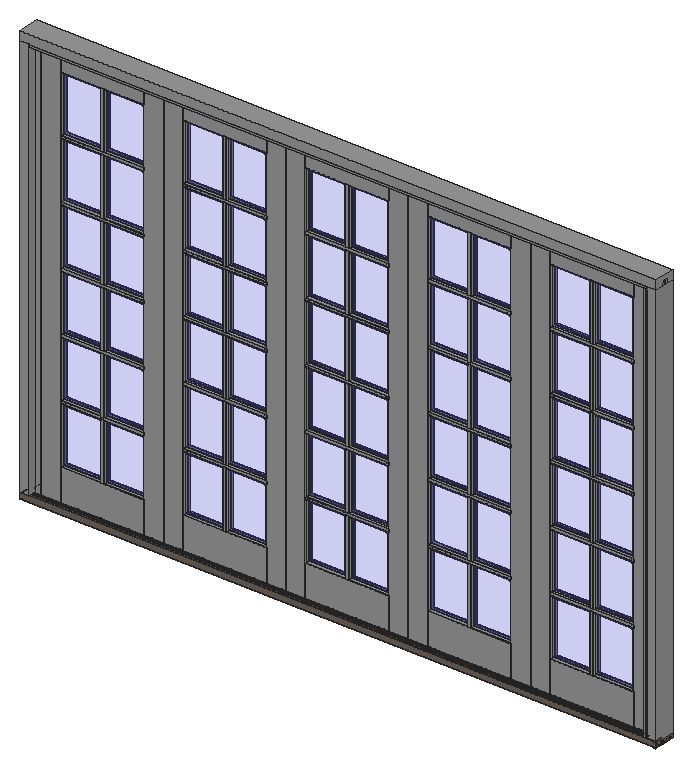
Revit family "VSFA 3180 SP LH", category Doors, host Wall, Revit 2015
Parameters (values of type "VSFA 3180 SP LH")
  Function = Interior
  Frame Projection Ext. = 25 mm
  Frame Projection Int. = 25 mm
  Frame Width = 75 mm
  Height = 2100 mm
  Wall Closure = By host
  Width = 3180 mm
Reference planes
  plane 1: y = 0
  plane 2 "Center (Left/Right)": x = 0
  plane 3 "Left": x = -1590
  plane 4 "Right": x = 1590
  plane 5: z = 2100
  plane 6 "Exterior": y = 75
  plane 7 "Interior": y = -75
  plane 8: x = -1545
  plane 9: x = 1515
  plane 10: x = 1513
  plane 11: x = 903
  plane 12: x = 901
  plane 13: x = 291
  plane 14: x = 289
  plane 15: x = -321
  plane 16: x = -323
  plane 17: x = -933
  plane 18: x = -935
Forms (mm)
  Extrusion 1, solid, material "Aluminium Cill (Bronze)"
    sketch origin (0, 79.18, -119.746) x (0, 1, 0) y (0, 0, 1)
      loop
        line (-26.68, 120.746) -> (-26.68, 135.746)
        arc (-26.68, 135.746) -> (-27.558, 137.867) -> (-29.68, 138.746) r 3
        line (-29.68, 138.746) -> (-40.947, 138.746)
        arc (-40.947, 138.746) -> (-42.68, 137.746) -> (-44.412, 138.746) r 2
        line (-44.412, 138.746) -> (-48.947, 138.746)
        arc (-48.947, 138.746) -> (-50.68, 137.746) -> (-52.412, 138.746) r 2
        line (-52.412, 138.746) -> (-56.947, 138.746)
        arc (-56.947, 138.746) -> (-58.68, 137.746) -> (-60.412, 138.746) r 2
        line (-60.412, 138.746) -> (-67.18, 138.746) -> (-67.18, 135.246)
        arc (-67.18, 135.246) -> (-67.619, 134.185) -> (-68.68, 133.746) r 1.5
        line (-68.68, 133.746) -> (-73.43, 133.746) -> (-73.43, 135.746) -> (-71.996, 135.746)
        arc (-71.996, 135.746) -> (-74.68, 138.746) -> (-77.363, 135.746) r 2.7
        line (-77.363, 135.746) -> (-75.93, 135.746) -> (-75.93, 133.746) -> (-80.68, 133.746)
        arc (-80.68, 133.746) -> (-81.74, 134.185) -> (-82.18, 135.246) r 1.5
        line (-82.18, 135.246) -> (-82.18, 138.746) -> (-90.432, 138.746) -> (-98.68, 138.746) -> (-98.68, 143.746)
        arc (-98.68, 143.746) -> (-99.18, 144.246) -> (-99.68, 143.746) r 0.5
        line (-99.68, 143.746) -> (-99.68, 142.734) -> (-100.88, 142.734) -> (-100.88, 150.246) -> (-99.68, 150.246) -> (-99.68, 149.246)
        arc (-99.68, 149.246) -> (-99.18, 148.746) -> (-98.68, 149.246) r 0.5
        line (-98.68, 149.246) -> (-98.68, 150.746)
        arc (-98.68, 150.746) -> (-98.972, 151.453) -> (-99.68, 151.746) r 1
        line (-99.68, 151.746) -> (-109.447, 151.746)
        arc (-109.447, 151.746) -> (-111.18, 150.746) -> (-112.912, 151.746) r 2
        line (-112.912, 151.746) -> (-117.447, 151.746)
        arc (-117.447, 151.746) -> (-119.18, 150.746) -> (-120.912, 151.746) r 2
        line (-120.912, 151.746) -> (-130.68, 151.746)
        arc (-130.68, 151.746) -> (-131.387, 151.453) -> (-131.68, 150.746) r 1
        line (-131.68, 150.746) -> (-131.68, 120.746)
        arc (-131.68, 120.746) -> (-131.387, 120.039) -> (-130.68, 119.746) r 1
        line (-130.68, 119.746) -> (-27.68, 119.746)
        arc (-27.68, 119.746) -> (-26.972, 120.039) -> (-26.68, 120.746) r 1
      loop
        line (-29.68, 137.246) -> (-40.23, 137.246)
        arc (-40.23, 137.246) -> (-42.68, 136.246) -> (-45.129, 137.246) r 3.5
        line (-45.129, 137.246) -> (-48.23, 137.246)
        arc (-48.23, 137.246) -> (-50.68, 136.246) -> (-53.129, 137.246) r 3.5
        line (-53.129, 137.246) -> (-56.23, 137.246)
        arc (-56.23, 137.246) -> (-58.68, 136.246) -> (-61.129, 137.246) r 3.5
        line (-61.129, 137.246) -> (-65.68, 137.246) -> (-65.68, 135.246)
        arc (-65.68, 135.246) -> (-66.558, 133.125) -> (-68.68, 132.246) r 3
        line (-68.68, 132.246) -> (-73.93, 132.246) -> (-73.93, 121.246) -> (-28.18, 121.246) -> (-28.18, 135.746)
        arc (-28.18, 135.746) -> (-28.619, 136.807) -> (-29.68, 137.246) r 1.5
      loop
        line (-75.43, 132.246) -> (-80.68, 132.246)
        arc (-80.68, 132.246) -> (-82.801, 133.125) -> (-83.68, 135.246) r 3
        line (-83.68, 135.246) -> (-83.68, 137.246) -> (-98.68, 137.246) -> (-98.68, 121.246) -> (-75.43, 121.246) -> (-75.43, 132.246)
      loop
        line (-100.18, 121.246) -> (-100.18, 141.246) -> (-102.38, 141.246) -> (-102.38, 150.246) -> (-108.73, 150.246)
        arc (-108.73, 150.246) -> (-111.18, 149.246) -> (-113.629, 150.246) r 3.5
        line (-113.629, 150.246) -> (-116.73, 150.246)
        arc (-116.73, 150.246) -> (-119.18, 149.246) -> (-121.629, 150.246) r 3.5
        line (-121.629, 150.246) -> (-130.18, 150.246) -> (-130.18, 121.246) -> (-100.18, 121.246)
    from -1590 to 1590
  Extrusion 2, solid, material "Lauan, Meranti"
    sketch origin (122.148, 0, 0) x (0, 1, 0) y (0, 0, -1)
      loop
        line (52.5, -2100) -> (52.5, -2055) -> (15.5, -2055) -> (15.5, -2075) -> (-6.5, -2075) -> (-6.5, -2055) -> (-52.5, -2055) -> (-52.5, -2100) -> (52.5, -2100)
    from -1467.852 to 1712.148
  Extrusion 3, solid, material "Lauan, Meranti"
    sketch origin (-2.986, 0, 0) x (0, 1, 0) y (0, 0, -1)
      loop
        line (-52.5, -2052) -> (-49.5, -2052) -> (-49.5, -2055) -> (-20.5, -2055) -> (-20.5, -2048.5) -> (-27.5, -2048.5) -> (-27.5, -2045.5) -> (-20.5, -2045.5) -> (-20.5, -2042) -> (-52.5, -2042) -> (-52.5, -2052)
    from -1547.986 to 1542.014
  Extrusion 4, solid, material "Lauan, Meranti"
    sketch origin (-615, 0, 0) x (-1, 0, 0) y (0, -1, 0)
      loop
        line (975, 52.5) -> (930, 52.5) -> (930, 16.5) -> (975, 16.5) -> (975, 52.5)
      loop
        line (975, -52.5) -> (975, -25.5) -> (930, -25.5) -> (930, -52.5) -> (975, -52.5)
      loop
        line (900, -24.5) -> (945, -24.5) -> (945, -14.5) -> (920, -14.5) -> (920, 5.5) -> (945, 5.5) -> (945, 15.5) -> (900, 15.5) -> (900, -24.5)
    from 32 to 2055
  Extrusion 5, solid, material "Lauan, Meranti"
    sketch origin (615, 0, 0) x (-1, 0, 0) y (0, -1, 0)
      loop
        line (-975, -52.5) -> (-942, -52.5) -> (-942, -24.5) -> (-930, -24.5) -> (-930, 52.5) -> (-975, 52.5) -> (-975, -52.5)
    from 32 to 2055
  Extrusion 6, solid, material "Lauan, Meranti"
    sketch origin (615, 0, 0) x (-1, 0, 0) y (0, -1, 0)
      loop
        line (-927, 52.5) -> (-927, 49.5) -> (-930, 49.5) -> (-930, 20.5) -> (-923.5, 20.5) -> (-923.5, 27.5) -> (-920.5, 27.5) -> (-920.5, 20.5) -> (-917, 20.5) -> (-917, 52.5) -> (-927, 52.5)
    from 32 to 2042
  Extrusion 7, solid, material "Steel, Chrome Plated"
    sketch origin (-129.456, -1.5, 0) x (0, 1, 0) y (0, 0, 1)
      loop
        line (16.5, 2075) -> (-4.5, 2075) -> (-4.5, 2055) -> (-2.3, 2055) -> (-2.3, 2072.8) -> (14.3, 2072.8) -> (14.3, 2055) -> (16.5, 2055) -> (16.5, 2075)
    from -1460.544 to 1719.456
  Extrusion 8, solid, material "Lauan, Meranti"
    sketch origin (615, 0, 0) x (-1, 0, 0) y (0, -1, 0)
      loop
        line (-975, -52.5) -> (-942, -52.5) -> (-942, -24.5) -> (-930, -24.5) -> (-930, 19.5) -> (-975, 19.5) -> (-975, -52.5)
    from 19 to 32
  Extrusion 9, solid, material "Lauan, Meranti"
    sketch origin (-615, 0, 0) x (-1, 0, 0) y (0, -1, 0)
      loop
        line (930, -52.5) -> (975, -52.5) -> (975, -25.5) -> (930, -25.5) -> (930, -52.5)
      loop
        line (945, -24.5) -> (945, -14.5) -> (920, -14.5) -> (920, 5.5) -> (945, 5.5) -> (945, 15.5) -> (900, 15.5) -> (900, -24.5) -> (945, -24.5)
    from 19 to 32
  Extrusion 10, solid, material "Lauan, Meranti"
    sketch origin (-1833, 0, 0) x (-1, 0, 0) y (0, -1, 0)
      loop
        line (-930, 15.5) -> (-930, -24.5) -> (-834, -24.5) -> (-834, 5.5) -> (-825, 5.5) -> (-825, 7.5) -> (-827, 7.5)
        arc (-827, 7.5) -> (-829.265, 11.94) -> (-834, 13.5) r 6.549
        line (-834, 13.5) -> (-834, 15.5) -> (-930, 15.5)
      loop
        line (-320, 15.5) -> (-416, 15.5) -> (-416, 13.5)
        arc (-416, 13.5) -> (-420.735, 11.94) -> (-423, 7.5) r 6.549
        line (-423, 7.5) -> (-425, 7.5) -> (-425, 5.5) -> (-416, 5.5) -> (-416, -24.5) -> (-320, -24.5) -> (-320, 15.5)
    from 19 to 2055
  Extrusion 11, solid, material "Lauan, Meranti"
    sketch origin (-1221, 0, 0) x (-1, 0, 0) y (0, -1, 0)
      loop
        line (-930, 15.5) -> (-930, -24.5) -> (-834, -24.5) -> (-834, 5.5) -> (-825, 5.5) -> (-825, 7.5) -> (-827, 7.5)
        arc (-827, 7.5) -> (-829.265, 11.94) -> (-834, 13.5) r 6.549
        line (-834, 13.5) -> (-834, 15.5) -> (-930, 15.5)
      loop
        line (-320, 15.5) -> (-416, 15.5) -> (-416, 13.5)
        arc (-416, 13.5) -> (-420.735, 11.94) -> (-423, 7.5) r 6.549
        line (-423, 7.5) -> (-425, 7.5) -> (-425, 5.5) -> (-416, 5.5) -> (-416, -24.5) -> (-320, -24.5) -> (-320, 15.5)
    from 19 to 2055
  Extrusion 12, solid, material "Lauan, Meranti"
    sketch origin (-609, 0, 0) x (-1, 0, 0) y (0, -1, 0)
      loop
        line (-930, 15.5) -> (-930, -24.5) -> (-834, -24.5) -> (-834, 5.5) -> (-825, 5.5) -> (-825, 7.5) -> (-827, 7.5)
        arc (-827, 7.5) -> (-829.265, 11.94) -> (-834, 13.5) r 6.549
        line (-834, 13.5) -> (-834, 15.5) -> (-930, 15.5)
      loop
        line (-320, 15.5) -> (-416, 15.5) -> (-416, 13.5)
        arc (-416, 13.5) -> (-420.735, 11.94) -> (-423, 7.5) r 6.549
        line (-423, 7.5) -> (-425, 7.5) -> (-425, 5.5) -> (-416, 5.5) -> (-416, -24.5) -> (-320, -24.5) -> (-320, 15.5)
    from 19 to 2055
  Extrusion 13, solid, material "Lauan, Meranti"
    sketch origin (3, 0, 0) x (-1, 0, 0) y (0, -1, 0)
      loop
        line (-930, 15.5) -> (-930, -24.5) -> (-834, -24.5) -> (-834, 5.5) -> (-825, 5.5) -> (-825, 7.5) -> (-827, 7.5)
        arc (-827, 7.5) -> (-829.265, 11.94) -> (-834, 13.5) r 6.549
        line (-834, 13.5) -> (-834, 15.5) -> (-930, 15.5)
      loop
        line (-320, 15.5) -> (-416, 15.5) -> (-416, 13.5)
        arc (-416, 13.5) -> (-420.735, 11.94) -> (-423, 7.5) r 6.549
        line (-423, 7.5) -> (-425, 7.5) -> (-425, 5.5) -> (-416, 5.5) -> (-416, -24.5) -> (-320, -24.5) -> (-320, 15.5)
    from 19 to 2055
  Extrusion 14, solid, material "Lauan, Meranti"
    sketch origin (615, 0, 0) x (-1, 0, 0) y (0, -1, 0)
      loop
        line (-930, 15.5) -> (-930, -24.5) -> (-834, -24.5) -> (-834, 5.5) -> (-825, 5.5) -> (-825, 7.5) -> (-827, 7.5)
        arc (-827, 7.5) -> (-829.265, 11.94) -> (-834, 13.5) r 6.549
        line (-834, 13.5) -> (-834, 15.5) -> (-930, 15.5)
      loop
        line (-320, 15.5) -> (-416, 15.5) -> (-416, 13.5)
        arc (-416, 13.5) -> (-420.735, 11.94) -> (-423, 7.5) r 6.549
        line (-423, 7.5) -> (-425, 7.5) -> (-425, 5.5) -> (-416, 5.5) -> (-416, -24.5) -> (-320, -24.5) -> (-320, 15.5)
    from 19 to 2055
  Extrusion 15, solid, material "Lauan, Meranti"
    sketch origin (1279.765, 0, 0) x (0, 1, 0) y (0, 0, -1)
      loop
        line (-15.5, -190) -> (-13.5, -190)
        arc (-13.5, -190) -> (-11.866, -194.67) -> (-7.5, -197) r 6.807
        line (-7.5, -197) -> (-7.5, -199) -> (-5.5, -199) -> (-5.5, -190) -> (24.5, -190) -> (24.5, -19) -> (-15.5, -19) -> (-15.5, -190)
      loop
        arc (-7.5, -1952) -> (-11.866, -1954.33) -> (-13.5, -1959) r 6.807
        line (-13.5, -1959) -> (-15.5, -1959) -> (-15.5, -2055) -> (24.5, -2055) -> (24.5, -1959) -> (-5.5, -1959) -> (-5.5, -1950) -> (-7.5, -1950) -> (-7.5, -1952)
      loop
        line (-15.5, -1675) -> (-13.5, -1675)
        arc (-13.5, -1675) -> (-11.866, -1679.67) -> (-7.5, -1682) r 6.807
        line (-7.5, -1682) -> (-7.5, -1684) -> (-5.5, -1684) -> (-5.5, -1675) -> (24.5, -1675) -> (24.5, -1662) -> (-5.5, -1662) -> (-5.5, -1653) -> (-7.5, -1653) -> (-7.5, -1655)
        arc (-7.5, -1655) -> (-11.866, -1657.33) -> (-13.5, -1662) r 6.807
        line (-13.5, -1662) -> (-15.5, -1662) -> (-15.5, -1675)
      loop
        line (-15.5, -1378) -> (-13.5, -1378)
        arc (-13.5, -1378) -> (-11.866, -1382.67) -> (-7.5, -1385) r 6.807
        line (-7.5, -1385) -> (-7.5, -1387) -> (-5.5, -1387) -> (-5.5, -1378) -> (24.5, -1378) -> (24.5, -1365) -> (-5.5, -1365) -> (-5.5, -1356) -> (-7.5, -1356) -> (-7.5, -1358)
        arc (-7.5, -1358) -> (-11.866, -1360.33) -> (-13.5, -1365) r 6.807
        line (-13.5, -1365) -> (-15.5, -1365) -> (-15.5, -1378)
      loop
        line (-15.5, -1081) -> (-13.5, -1081)
        arc (-13.5, -1081) -> (-11.866, -1085.67) -> (-7.5, -1088) r 6.807
        line (-7.5, -1088) -> (-7.5, -1090) -> (-5.5, -1090) -> (-5.5, -1081) -> (24.5, -1081) -> (24.5, -1068) -> (-5.5, -1068) -> (-5.5, -1059) -> (-7.5, -1059) -> (-7.5, -1061)
        arc (-7.5, -1061) -> (-11.866, -1063.33) -> (-13.5, -1068) r 6.807
        line (-13.5, -1068) -> (-15.5, -1068) -> (-15.5, -1081)
      loop
        line (-15.5, -784) -> (-13.5, -784)
        arc (-13.5, -784) -> (-11.866, -788.67) -> (-7.5, -791) r 6.807
        line (-7.5, -791) -> (-7.5, -793) -> (-5.5, -793) -> (-5.5, -784) -> (24.5, -784) -> (24.5, -771) -> (-5.5, -771) -> (-5.5, -762) -> (-7.5, -762) -> (-7.5, -764)
        arc (-7.5, -764) -> (-11.866, -766.33) -> (-13.5, -771) r 6.807
        line (-13.5, -771) -> (-15.5, -771) -> (-15.5, -784)
      loop
        line (-15.5, -487) -> (-13.5, -487)
        arc (-13.5, -487) -> (-11.866, -491.67) -> (-7.5, -494) r 6.807
        line (-7.5, -494) -> (-7.5, -496) -> (-5.5, -496) -> (-5.5, -487) -> (24.5, -487) -> (24.5, -474) -> (-5.5, -474) -> (-5.5, -465) -> (-7.5, -465) -> (-7.5, -467)
        arc (-7.5, -467) -> (-11.866, -469.33) -> (-13.5, -474) r 6.807
        line (-13.5, -474) -> (-15.5, -474) -> (-15.5, -487)
    from -169.235 to 248.765
  Sweep 16, solid, material "Lauan, Meranti"
    path origin (1572.124, -75, -1252.272) x (-1, 0, 0) y (0, 0, -1)
      loop
        line (338.624, -1726.272) -> (541.124, -1726.272) -> (541.124, -1442.272) -> (338.624, -1442.272) -> (338.624, -1726.272)
    profile origin (1132.25, -75, 474) x (0, 0, -1) y (0, -1, 0)
      loop
        line (9, -78) -> (0, -78) -> (0, -86)
        arc (0, -86) -> (4.67, -84.366) -> (7, -80) r 6.807
        line (7, -80) -> (9, -80) -> (9, -78)
  Extrusion 17, solid, material "Glass"
    sketch origin (1303.192, -110.55, -763.769) x (-1, 0, 0) y (0, 0, -1)
      loop
        line (272.18, -953.779) -> (69.692, -953.779) -> (69.692, -1237.769) -> (272.18, -1237.769) -> (272.18, -953.779)
      loop
        line (56.692, -1237.769) -> (56.692, -953.769) -> (-145.808, -953.769) -> (-145.808, -1237.769) -> (56.692, -1237.769)
      loop
        line (272.18, -1250.779) -> (69.692, -1250.779) -> (69.692, -1534.769) -> (272.18, -1534.769) -> (272.18, -1250.779)
      loop
        line (56.692, -1534.769) -> (56.692, -1250.769) -> (-145.808, -1250.769) -> (-145.808, -1534.769) -> (56.692, -1534.769)
      loop
        line (272.18, -1547.779) -> (69.692, -1547.779) -> (69.692, -1831.769) -> (272.18, -1831.769) -> (272.18, -1547.779)
      loop
        line (56.692, -1831.769) -> (56.692, -1547.769) -> (-145.808, -1547.769) -> (-145.808, -1831.769) -> (56.692, -1831.769)
      loop
        line (272.18, -1844.779) -> (69.692, -1844.779) -> (69.692, -2128.769) -> (272.18, -2128.769) -> (272.18, -1844.779)
      loop
        line (56.692, -2128.769) -> (56.692, -1844.769) -> (-145.808, -1844.769) -> (-145.808, -2128.769) -> (56.692, -2128.769)
      loop
        line (272.18, -2141.779) -> (69.692, -2141.779) -> (69.692, -2425.769) -> (272.18, -2425.769) -> (272.18, -2141.779)
      loop
        line (56.692, -2425.769) -> (56.692, -2141.769) -> (-145.808, -2141.769) -> (-145.808, -2425.769) -> (56.692, -2425.769)
      loop
        line (272.18, -2438.779) -> (69.692, -2438.779) -> (69.692, -2722.769) -> (272.18, -2722.769) -> (272.18, -2438.779)
      loop
        line (56.692, -2722.769) -> (56.692, -2438.769) -> (-145.808, -2438.769) -> (-145.808, -2722.769) -> (56.692, -2722.769)
    from -112.5 to -106.1
  Extrusion 18, solid, material "Lauan, Meranti"
    sketch origin (1835, 0, 0) x (-1, 0, 0) y (0, -1, 0)
      loop
        line (601.5, 15.5) -> (588.5, 15.5) -> (588.5, 13.5)
        arc (588.5, 13.5) -> (583.83, 11.866) -> (581.5, 7.5) r 6.807
        line (581.5, 7.5) -> (579.5, 7.5) -> (579.5, 5.5) -> (588.5, 5.5) -> (588.5, -24.5) -> (601.5, -24.5) -> (601.5, 5.5) -> (610.5, 5.5) -> (610.5, 7.5) -> (608.5, 7.5)
        arc (608.5, 7.5) -> (606.17, 11.866) -> (601.5, 13.5) r 6.807
        line (601.5, 13.5) -> (601.5, 15.5)
    from 190 to 474
  Sweep 19, solid, material "Lauan, Meranti"
    path origin (1787.612, -75, -1252.272) x (-1, 0, 0) y (0, 0, -1)
      loop
        line (338.624, -1726.272) -> (541.124, -1726.272) -> (541.124, -1442.272) -> (338.624, -1442.272) -> (338.624, -1726.272)
    profile origin (1347.738, -75, 474) x (0, 0, -1) y (0, -1, 0)
      loop
        line (9, -78) -> (0, -78) -> (0, -86)
        arc (0, -86) -> (4.67, -84.366) -> (7, -80) r 6.807
        line (7, -80) -> (9, -80) -> (9, -78)
  Sweep 20, solid, material "Lauan, Meranti"
    path origin (1572.124, -75, -955.284) x (-1, 0, 0) y (0, 0, -1)
      loop
        line (338.624, -1726.272) -> (541.124, -1726.272) -> (541.124, -1442.272) -> (338.624, -1442.272) -> (338.624, -1726.272)
    profile origin (1132.25, -75, 770.988) x (0, 0, -1) y (0, -1, 0)
      loop
        line (9, -78) -> (0, -78) -> (0, -86)
        arc (0, -86) -> (4.67, -84.366) -> (7, -80) r 6.807
        line (7, -80) -> (9, -80) -> (9, -78)
  Extrusion 21, solid, material "Lauan, Meranti"
    sketch origin (1835, 0, 296.988) x (-1, 0, 0) y (0, -1, 0)
      loop
        line (601.5, 15.5) -> (588.5, 15.5) -> (588.5, 13.5)
        arc (588.5, 13.5) -> (583.83, 11.866) -> (581.5, 7.5) r 6.807
        line (581.5, 7.5) -> (579.5, 7.5) -> (579.5, 5.5) -> (588.5, 5.5) -> (588.5, -24.5) -> (601.5, -24.5) -> (601.5, 5.5) -> (610.5, 5.5) -> (610.5, 7.5) -> (608.5, 7.5)
        arc (608.5, 7.5) -> (606.17, 11.866) -> (601.5, 13.5) r 6.807
        line (601.5, 13.5) -> (601.5, 15.5)
    from 190 to 474
  Sweep 22, solid, material "Lauan, Meranti"
    path origin (1787.612, -75, -955.284) x (-1, 0, 0) y (0, 0, -1)
      loop
        line (338.624, -1726.272) -> (541.124, -1726.272) -> (541.124, -1442.272) -> (338.624, -1442.272) -> (338.624, -1726.272)
    profile origin (1347.738, -75, 770.988) x (0, 0, -1) y (0, -1, 0)
      loop
        line (9, -78) -> (0, -78) -> (0, -86)
        arc (0, -86) -> (4.67, -84.366) -> (7, -80) r 6.807
        line (7, -80) -> (9, -80) -> (9, -78)
  Sweep 23, solid, material "Lauan, Meranti"
    path origin (1572.124, -75, -658.284) x (-1, 0, 0) y (0, 0, -1)
      loop
        line (338.624, -1726.272) -> (541.124, -1726.272) -> (541.124, -1442.272) -> (338.624, -1442.272) -> (338.624, -1726.272)
    profile origin (1132.25, -75, 1067.988) x (0, 0, -1) y (0, -1, 0)
      loop
        line (9, -78) -> (0, -78) -> (0, -86)
        arc (0, -86) -> (4.67, -84.366) -> (7, -80) r 6.807
        line (7, -80) -> (9, -80) -> (9, -78)
  Extrusion 24, solid, material "Lauan, Meranti"
    sketch origin (1835, 0, 593.988) x (-1, 0, 0) y (0, -1, 0)
      loop
        line (601.5, 15.5) -> (588.5, 15.5) -> (588.5, 13.5)
        arc (588.5, 13.5) -> (583.83, 11.866) -> (581.5, 7.5) r 6.807
        line (581.5, 7.5) -> (579.5, 7.5) -> (579.5, 5.5) -> (588.5, 5.5) -> (588.5, -24.5) -> (601.5, -24.5) -> (601.5, 5.5) -> (610.5, 5.5) -> (610.5, 7.5) -> (608.5, 7.5)
        arc (608.5, 7.5) -> (606.17, 11.866) -> (601.5, 13.5) r 6.807
        line (601.5, 13.5) -> (601.5, 15.5)
    from 190 to 474
  Sweep 25, solid, material "Lauan, Meranti"
    path origin (1787.612, -75, -658.284) x (-1, 0, 0) y (0, 0, -1)
      loop
        line (338.624, -1726.272) -> (541.124, -1726.272) -> (541.124, -1442.272) -> (338.624, -1442.272) -> (338.624, -1726.272)
    profile origin (1347.738, -75, 1067.988) x (0, 0, -1) y (0, -1, 0)
      loop
        line (9, -78) -> (0, -78) -> (0, -86)
        arc (0, -86) -> (4.67, -84.366) -> (7, -80) r 6.807
        line (7, -80) -> (9, -80) -> (9, -78)
  Sweep 26, solid, material "Lauan, Meranti"
    path origin (1572.124, -75, -361.284) x (-1, 0, 0) y (0, 0, -1)
      loop
        line (338.624, -1726.272) -> (541.124, -1726.272) -> (541.124, -1442.272) -> (338.624, -1442.272) -> (338.624, -1726.272)
    profile origin (1132.25, -75, 1364.988) x (0, 0, -1) y (0, -1, 0)
      loop
        line (9, -78) -> (0, -78) -> (0, -86)
        arc (0, -86) -> (4.67, -84.366) -> (7, -80) r 6.807
        line (7, -80) -> (9, -80) -> (9, -78)
  Extrusion 27, solid, material "Lauan, Meranti"
    sketch origin (1835, 0, 890.988) x (-1, 0, 0) y (0, -1, 0)
      loop
        line (601.5, 15.5) -> (588.5, 15.5) -> (588.5, 13.5)
        arc (588.5, 13.5) -> (583.83, 11.866) -> (581.5, 7.5) r 6.807
        line (581.5, 7.5) -> (579.5, 7.5) -> (579.5, 5.5) -> (588.5, 5.5) -> (588.5, -24.5) -> (601.5, -24.5) -> (601.5, 5.5) -> (610.5, 5.5) -> (610.5, 7.5) -> (608.5, 7.5)
        arc (608.5, 7.5) -> (606.17, 11.866) -> (601.5, 13.5) r 6.807
        line (601.5, 13.5) -> (601.5, 15.5)
    from 190 to 474
  Sweep 28, solid, material "Lauan, Meranti"
    path origin (1787.612, -75, -361.284) x (-1, 0, 0) y (0, 0, -1)
      loop
        line (338.624, -1726.272) -> (541.124, -1726.272) -> (541.124, -1442.272) -> (338.624, -1442.272) -> (338.624, -1726.272)
    profile origin (1347.738, -75, 1364.988) x (0, 0, -1) y (0, -1, 0)
      loop
        line (9, -78) -> (0, -78) -> (0, -86)
        arc (0, -86) -> (4.67, -84.366) -> (7, -80) r 6.807
        line (7, -80) -> (9, -80) -> (9, -78)
  Sweep 29, solid, material "Lauan, Meranti"
    path origin (1572.124, -75, -64.284) x (-1, 0, 0) y (0, 0, -1)
      loop
        line (338.624, -1726.272) -> (541.124, -1726.272) -> (541.124, -1442.272) -> (338.624, -1442.272) -> (338.624, -1726.272)
    profile origin (1132.25, -75, 1661.988) x (0, 0, -1) y (0, -1, 0)
      loop
        line (9, -78) -> (0, -78) -> (0, -86)
        arc (0, -86) -> (4.67, -84.366) -> (7, -80) r 6.807
        line (7, -80) -> (9, -80) -> (9, -78)
  Extrusion 30, solid, material "Lauan, Meranti"
    sketch origin (1835, 0, 1187.988) x (-1, 0, 0) y (0, -1, 0)
      loop
        line (601.5, 15.5) -> (588.5, 15.5) -> (588.5, 13.5)
        arc (588.5, 13.5) -> (583.83, 11.866) -> (581.5, 7.5) r 6.807
        line (581.5, 7.5) -> (579.5, 7.5) -> (579.5, 5.5) -> (588.5, 5.5) -> (588.5, -24.5) -> (601.5, -24.5) -> (601.5, 5.5) -> (610.5, 5.5) -> (610.5, 7.5) -> (608.5, 7.5)
        arc (608.5, 7.5) -> (606.17, 11.866) -> (601.5, 13.5) r 6.807
        line (601.5, 13.5) -> (601.5, 15.5)
    from 190 to 474
  Sweep 31, solid, material "Lauan, Meranti"
    path origin (1787.612, -75, -64.284) x (-1, 0, 0) y (0, 0, -1)
      loop
        line (338.624, -1726.272) -> (541.124, -1726.272) -> (541.124, -1442.272) -> (338.624, -1442.272) -> (338.624, -1726.272)
    profile origin (1347.738, -75, 1661.988) x (0, 0, -1) y (0, -1, 0)
      loop
        line (9, -78) -> (0, -78) -> (0, -86)
        arc (0, -86) -> (4.67, -84.366) -> (7, -80) r 6.807
        line (7, -80) -> (9, -80) -> (9, -78)
  Sweep 32, solid, material "Lauan, Meranti"
    path origin (1572.124, -75, 232.716) x (-1, 0, 0) y (0, 0, -1)
      loop
        line (338.624, -1726.272) -> (541.124, -1726.272) -> (541.124, -1442.272) -> (338.624, -1442.272) -> (338.624, -1726.272)
    profile origin (1132.25, -75, 1958.988) x (0, 0, -1) y (0, -1, 0)
      loop
        line (9, -78) -> (0, -78) -> (0, -86)
        arc (0, -86) -> (4.67, -84.366) -> (7, -80) r 6.807
        line (7, -80) -> (9, -80) -> (9, -78)
  Extrusion 33, solid, material "Lauan, Meranti"
    sketch origin (1835, 0, 1484.988) x (-1, 0, 0) y (0, -1, 0)
      loop
        line (601.5, 15.5) -> (588.5, 15.5) -> (588.5, 13.5)
        arc (588.5, 13.5) -> (583.83, 11.866) -> (581.5, 7.5) r 6.807
        line (581.5, 7.5) -> (579.5, 7.5) -> (579.5, 5.5) -> (588.5, 5.5) -> (588.5, -24.5) -> (601.5, -24.5) -> (601.5, 5.5) -> (610.5, 5.5) -> (610.5, 7.5) -> (608.5, 7.5)
        arc (608.5, 7.5) -> (606.17, 11.866) -> (601.5, 13.5) r 6.807
        line (601.5, 13.5) -> (601.5, 15.5)
    from 190 to 474
  Sweep 34, solid, material "Lauan, Meranti"
    path origin (1787.612, -75, 232.716) x (-1, 0, 0) y (0, 0, -1)
      loop
        line (338.624, -1726.272) -> (541.124, -1726.272) -> (541.124, -1442.272) -> (338.624, -1442.272) -> (338.624, -1726.272)
    profile origin (1347.738, -75, 1958.988) x (0, 0, -1) y (0, -1, 0)
      loop
        line (9, -78) -> (0, -78) -> (0, -86)
        arc (0, -86) -> (4.67, -84.366) -> (7, -80) r 6.807
        line (7, -80) -> (9, -80) -> (9, -78)
  Extrusion 35, solid, material "Lauan, Meranti"
    sketch origin (667.765, 0, 0) x (0, 1, 0) y (0, 0, -1)
      loop
        line (-15.5, -190) -> (-13.5, -190)
        arc (-13.5, -190) -> (-11.866, -194.67) -> (-7.5, -197) r 6.807
        line (-7.5, -197) -> (-7.5, -199) -> (-5.5, -199) -> (-5.5, -190) -> (24.5, -190) -> (24.5, -19) -> (-15.5, -19) -> (-15.5, -190)
      loop
        arc (-7.5, -1952) -> (-11.866, -1954.33) -> (-13.5, -1959) r 6.807
        line (-13.5, -1959) -> (-15.5, -1959) -> (-15.5, -2055) -> (24.5, -2055) -> (24.5, -1959) -> (-5.5, -1959) -> (-5.5, -1950) -> (-7.5, -1950) -> (-7.5, -1952)
      loop
        line (-15.5, -1675) -> (-13.5, -1675)
        arc (-13.5, -1675) -> (-11.866, -1679.67) -> (-7.5, -1682) r 6.807
        line (-7.5, -1682) -> (-7.5, -1684) -> (-5.5, -1684) -> (-5.5, -1675) -> (24.5, -1675) -> (24.5, -1662) -> (-5.5, -1662) -> (-5.5, -1653) -> (-7.5, -1653) -> (-7.5, -1655)
        arc (-7.5, -1655) -> (-11.866, -1657.33) -> (-13.5, -1662) r 6.807
        line (-13.5, -1662) -> (-15.5, -1662) -> (-15.5, -1675)
      loop
        line (-15.5, -1378) -> (-13.5, -1378)
        arc (-13.5, -1378) -> (-11.866, -1382.67) -> (-7.5, -1385) r 6.807
        line (-7.5, -1385) -> (-7.5, -1387) -> (-5.5, -1387) -> (-5.5, -1378) -> (24.5, -1378) -> (24.5, -1365) -> (-5.5, -1365) -> (-5.5, -1356) -> (-7.5, -1356) -> (-7.5, -1358)
        arc (-7.5, -1358) -> (-11.866, -1360.33) -> (-13.5, -1365) r 6.807
        line (-13.5, -1365) -> (-15.5, -1365) -> (-15.5, -1378)
      loop
        line (-15.5, -1081) -> (-13.5, -1081)
        arc (-13.5, -1081) -> (-11.866, -1085.67) -> (-7.5, -1088) r 6.807
        line (-7.5, -1088) -> (-7.5, -1090) -> (-5.5, -1090) -> (-5.5, -1081) -> (24.5, -1081) -> (24.5, -1068) -> (-5.5, -1068) -> (-5.5, -1059) -> (-7.5, -1059) -> (-7.5, -1061)
        arc (-7.5, -1061) -> (-11.866, -1063.33) -> (-13.5, -1068) r 6.807
        line (-13.5, -1068) -> (-15.5, -1068) -> (-15.5, -1081)
      loop
        line (-15.5, -784) -> (-13.5, -784)
        arc (-13.5, -784) -> (-11.866, -788.67) -> (-7.5, -791) r 6.807
        line (-7.5, -791) -> (-7.5, -793) -> (-5.5, -793) -> (-5.5, -784) -> (24.5, -784) -> (24.5, -771) -> (-5.5, -771) -> (-5.5, -762) -> (-7.5, -762) -> (-7.5, -764)
        arc (-7.5, -764) -> (-11.866, -766.33) -> (-13.5, -771) r 6.807
        line (-13.5, -771) -> (-15.5, -771) -> (-15.5, -784)
      loop
        line (-15.5, -487) -> (-13.5, -487)
        arc (-13.5, -487) -> (-11.866, -491.67) -> (-7.5, -494) r 6.807
        line (-7.5, -494) -> (-7.5, -496) -> (-5.5, -496) -> (-5.5, -487) -> (24.5, -487) -> (24.5, -474) -> (-5.5, -474) -> (-5.5, -465) -> (-7.5, -465) -> (-7.5, -467)
        arc (-7.5, -467) -> (-11.866, -469.33) -> (-13.5, -474) r 6.807
        line (-13.5, -474) -> (-15.5, -474) -> (-15.5, -487)
    from -169.235 to 248.765
  Sweep 36, solid, material "Lauan, Meranti"
    path origin (960.124, -75, -1252.272) x (-1, 0, 0) y (0, 0, -1)
      loop
        line (338.624, -1726.272) -> (541.124, -1726.272) -> (541.124, -1442.272) -> (338.624, -1442.272) -> (338.624, -1726.272)
    profile origin (520.25, -75, 474) x (0, 0, -1) y (0, -1, 0)
      loop
        line (9, -78) -> (0, -78) -> (0, -86)
        arc (0, -86) -> (4.67, -84.366) -> (7, -80) r 6.807
        line (7, -80) -> (9, -80) -> (9, -78)
  Extrusion 37, solid, material "Glass"
    sketch origin (691.192, -110.55, -763.769) x (-1, 0, 0) y (0, 0, -1)
      loop
        line (272.18, -953.779) -> (69.692, -953.779) -> (69.692, -1237.769) -> (272.18, -1237.769) -> (272.18, -953.779)
      loop
        line (56.692, -1237.769) -> (56.692, -953.769) -> (-145.808, -953.769) -> (-145.808, -1237.769) -> (56.692, -1237.769)
      loop
        line (272.18, -1250.779) -> (69.692, -1250.779) -> (69.692, -1534.769) -> (272.18, -1534.769) -> (272.18, -1250.779)
      loop
        line (56.692, -1534.769) -> (56.692, -1250.769) -> (-145.808, -1250.769) -> (-145.808, -1534.769) -> (56.692, -1534.769)
      loop
        line (272.18, -1547.779) -> (69.692, -1547.779) -> (69.692, -1831.769) -> (272.18, -1831.769) -> (272.18, -1547.779)
      loop
        line (56.692, -1831.769) -> (56.692, -1547.769) -> (-145.808, -1547.769) -> (-145.808, -1831.769) -> (56.692, -1831.769)
      loop
        line (272.18, -1844.779) -> (69.692, -1844.779) -> (69.692, -2128.769) -> (272.18, -2128.769) -> (272.18, -1844.779)
      loop
        line (56.692, -2128.769) -> (56.692, -1844.769) -> (-145.808, -1844.769) -> (-145.808, -2128.769) -> (56.692, -2128.769)
      loop
        line (272.18, -2141.779) -> (69.692, -2141.779) -> (69.692, -2425.769) -> (272.18, -2425.769) -> (272.18, -2141.779)
      loop
        line (56.692, -2425.769) -> (56.692, -2141.769) -> (-145.808, -2141.769) -> (-145.808, -2425.769) -> (56.692, -2425.769)
      loop
        line (272.18, -2438.779) -> (69.692, -2438.779) -> (69.692, -2722.769) -> (272.18, -2722.769) -> (272.18, -2438.779)
      loop
        line (56.692, -2722.769) -> (56.692, -2438.769) -> (-145.808, -2438.769) -> (-145.808, -2722.769) -> (56.692, -2722.769)
    from -112.5 to -106.1
  Extrusion 38, solid, material "Lauan, Meranti"
    sketch origin (1223, 0, 0) x (-1, 0, 0) y (0, -1, 0)
      loop
        line (601.5, 15.5) -> (588.5, 15.5) -> (588.5, 13.5)
        arc (588.5, 13.5) -> (583.83, 11.866) -> (581.5, 7.5) r 6.807
        line (581.5, 7.5) -> (579.5, 7.5) -> (579.5, 5.5) -> (588.5, 5.5) -> (588.5, -24.5) -> (601.5, -24.5) -> (601.5, 5.5) -> (610.5, 5.5) -> (610.5, 7.5) -> (608.5, 7.5)
        arc (608.5, 7.5) -> (606.17, 11.866) -> (601.5, 13.5) r 6.807
        line (601.5, 13.5) -> (601.5, 15.5)
    from 190 to 474
  Sweep 39, solid, material "Lauan, Meranti"
    path origin (1175.612, -75, -1252.272) x (-1, 0, 0) y (0, 0, -1)
      loop
        line (338.624, -1726.272) -> (541.124, -1726.272) -> (541.124, -1442.272) -> (338.624, -1442.272) -> (338.624, -1726.272)
    profile origin (735.738, -75, 474) x (0, 0, -1) y (0, -1, 0)
      loop
        line (9, -78) -> (0, -78) -> (0, -86)
        arc (0, -86) -> (4.67, -84.366) -> (7, -80) r 6.807
        line (7, -80) -> (9, -80) -> (9, -78)
  Sweep 40, solid, material "Lauan, Meranti"
    path origin (960.124, -75, -955.284) x (-1, 0, 0) y (0, 0, -1)
      loop
        line (338.624, -1726.272) -> (541.124, -1726.272) -> (541.124, -1442.272) -> (338.624, -1442.272) -> (338.624, -1726.272)
    profile origin (520.25, -75, 770.988) x (0, 0, -1) y (0, -1, 0)
      loop
        line (9, -78) -> (0, -78) -> (0, -86)
        arc (0, -86) -> (4.67, -84.366) -> (7, -80) r 6.807
        line (7, -80) -> (9, -80) -> (9, -78)
  Extrusion 41, solid, material "Lauan, Meranti"
    sketch origin (1223, 0, 296.988) x (-1, 0, 0) y (0, -1, 0)
      loop
        line (601.5, 15.5) -> (588.5, 15.5) -> (588.5, 13.5)
        arc (588.5, 13.5) -> (583.83, 11.866) -> (581.5, 7.5) r 6.807
        line (581.5, 7.5) -> (579.5, 7.5) -> (579.5, 5.5) -> (588.5, 5.5) -> (588.5, -24.5) -> (601.5, -24.5) -> (601.5, 5.5) -> (610.5, 5.5) -> (610.5, 7.5) -> (608.5, 7.5)
        arc (608.5, 7.5) -> (606.17, 11.866) -> (601.5, 13.5) r 6.807
        line (601.5, 13.5) -> (601.5, 15.5)
    from 190 to 474
  Sweep 42, solid, material "Lauan, Meranti"
    path origin (1175.612, -75, -955.284) x (-1, 0, 0) y (0, 0, -1)
      loop
        line (338.624, -1726.272) -> (541.124, -1726.272) -> (541.124, -1442.272) -> (338.624, -1442.272) -> (338.624, -1726.272)
    profile origin (735.738, -75, 770.988) x (0, 0, -1) y (0, -1, 0)
      loop
        line (9, -78) -> (0, -78) -> (0, -86)
        arc (0, -86) -> (4.67, -84.366) -> (7, -80) r 6.807
        line (7, -80) -> (9, -80) -> (9, -78)
  Sweep 43, solid, material "Lauan, Meranti"
    path origin (960.124, -75, -658.284) x (-1, 0, 0) y (0, 0, -1)
      loop
        line (338.624, -1726.272) -> (541.124, -1726.272) -> (541.124, -1442.272) -> (338.624, -1442.272) -> (338.624, -1726.272)
    profile origin (520.25, -75, 1067.988) x (0, 0, -1) y (0, -1, 0)
      loop
        line (9, -78) -> (0, -78) -> (0, -86)
        arc (0, -86) -> (4.67, -84.366) -> (7, -80) r 6.807
        line (7, -80) -> (9, -80) -> (9, -78)
  Extrusion 44, solid, material "Lauan, Meranti"
    sketch origin (1223, 0, 593.988) x (-1, 0, 0) y (0, -1, 0)
      loop
        line (601.5, 15.5) -> (588.5, 15.5) -> (588.5, 13.5)
        arc (588.5, 13.5) -> (583.83, 11.866) -> (581.5, 7.5) r 6.807
        line (581.5, 7.5) -> (579.5, 7.5) -> (579.5, 5.5) -> (588.5, 5.5) -> (588.5, -24.5) -> (601.5, -24.5) -> (601.5, 5.5) -> (610.5, 5.5) -> (610.5, 7.5) -> (608.5, 7.5)
        arc (608.5, 7.5) -> (606.17, 11.866) -> (601.5, 13.5) r 6.807
        line (601.5, 13.5) -> (601.5, 15.5)
    from 190 to 474
  Sweep 45, solid, material "Lauan, Meranti"
    path origin (1175.612, -75, -658.284) x (-1, 0, 0) y (0, 0, -1)
      loop
        line (338.624, -1726.272) -> (541.124, -1726.272) -> (541.124, -1442.272) -> (338.624, -1442.272) -> (338.624, -1726.272)
    profile origin (735.738, -75, 1067.988) x (0, 0, -1) y (0, -1, 0)
      loop
        line (9, -78) -> (0, -78) -> (0, -86)
        arc (0, -86) -> (4.67, -84.366) -> (7, -80) r 6.807
        line (7, -80) -> (9, -80) -> (9, -78)
  Sweep 46, solid, material "Lauan, Meranti"
    path origin (960.124, -75, -361.284) x (-1, 0, 0) y (0, 0, -1)
      loop
        line (338.624, -1726.272) -> (541.124, -1726.272) -> (541.124, -1442.272) -> (338.624, -1442.272) -> (338.624, -1726.272)
    profile origin (520.25, -75, 1364.988) x (0, 0, -1) y (0, -1, 0)
      loop
        line (9, -78) -> (0, -78) -> (0, -86)
        arc (0, -86) -> (4.67, -84.366) -> (7, -80) r 6.807
        line (7, -80) -> (9, -80) -> (9, -78)
  Extrusion 47, solid, material "Lauan, Meranti"
    sketch origin (1223, 0, 890.988) x (-1, 0, 0) y (0, -1, 0)
      loop
        line (601.5, 15.5) -> (588.5, 15.5) -> (588.5, 13.5)
        arc (588.5, 13.5) -> (583.83, 11.866) -> (581.5, 7.5) r 6.807
        line (581.5, 7.5) -> (579.5, 7.5) -> (579.5, 5.5) -> (588.5, 5.5) -> (588.5, -24.5) -> (601.5, -24.5) -> (601.5, 5.5) -> (610.5, 5.5) -> (610.5, 7.5) -> (608.5, 7.5)
        arc (608.5, 7.5) -> (606.17, 11.866) -> (601.5, 13.5) r 6.807
        line (601.5, 13.5) -> (601.5, 15.5)
    from 190 to 474
  Sweep 48, solid, material "Lauan, Meranti"
    path origin (1175.612, -75, -361.284) x (-1, 0, 0) y (0, 0, -1)
      loop
        line (338.624, -1726.272) -> (541.124, -1726.272) -> (541.124, -1442.272) -> (338.624, -1442.272) -> (338.624, -1726.272)
    profile origin (735.738, -75, 1364.988) x (0, 0, -1) y (0, -1, 0)
      loop
        line (9, -78) -> (0, -78) -> (0, -86)
        arc (0, -86) -> (4.67, -84.366) -> (7, -80) r 6.807
        line (7, -80) -> (9, -80) -> (9, -78)
  Sweep 49, solid, material "Lauan, Meranti"
    path origin (960.124, -75, -64.284) x (-1, 0, 0) y (0, 0, -1)
      loop
        line (338.624, -1726.272) -> (541.124, -1726.272) -> (541.124, -1442.272) -> (338.624, -1442.272) -> (338.624, -1726.272)
    profile origin (520.25, -75, 1661.988) x (0, 0, -1) y (0, -1, 0)
      loop
        line (9, -78) -> (0, -78) -> (0, -86)
        arc (0, -86) -> (4.67, -84.366) -> (7, -80) r 6.807
        line (7, -80) -> (9, -80) -> (9, -78)
  Extrusion 50, solid, material "Lauan, Meranti"
    sketch origin (1223, 0, 1187.988) x (-1, 0, 0) y (0, -1, 0)
      loop
        line (601.5, 15.5) -> (588.5, 15.5) -> (588.5, 13.5)
        arc (588.5, 13.5) -> (583.83, 11.866) -> (581.5, 7.5) r 6.807
        line (581.5, 7.5) -> (579.5, 7.5) -> (579.5, 5.5) -> (588.5, 5.5) -> (588.5, -24.5) -> (601.5, -24.5) -> (601.5, 5.5) -> (610.5, 5.5) -> (610.5, 7.5) -> (608.5, 7.5)
        arc (608.5, 7.5) -> (606.17, 11.866) -> (601.5, 13.5) r 6.807
        line (601.5, 13.5) -> (601.5, 15.5)
    from 190 to 474
  Sweep 51, solid, material "Lauan, Meranti"
    path origin (1175.612, -75, -64.284) x (-1, 0, 0) y (0, 0, -1)
      loop
        line (338.624, -1726.272) -> (541.124, -1726.272) -> (541.124, -1442.272) -> (338.624, -1442.272) -> (338.624, -1726.272)
    profile origin (735.738, -75, 1661.988) x (0, 0, -1) y (0, -1, 0)
      loop
        line (9, -78) -> (0, -78) -> (0, -86)
        arc (0, -86) -> (4.67, -84.366) -> (7, -80) r 6.807
        line (7, -80) -> (9, -80) -> (9, -78)
  Sweep 52, solid, material "Lauan, Meranti"
    path origin (960.124, -75, 232.716) x (-1, 0, 0) y (0, 0, -1)
      loop
        line (338.624, -1726.272) -> (541.124, -1726.272) -> (541.124, -1442.272) -> (338.624, -1442.272) -> (338.624, -1726.272)
    profile origin (520.25, -75, 1958.988) x (0, 0, -1) y (0, -1, 0)
      loop
        line (9, -78) -> (0, -78) -> (0, -86)
        arc (0, -86) -> (4.67, -84.366) -> (7, -80) r 6.807
        line (7, -80) -> (9, -80) -> (9, -78)
  Extrusion 53, solid, material "Lauan, Meranti"
    sketch origin (1223, 0, 1484.988) x (-1, 0, 0) y (0, -1, 0)
      loop
        line (601.5, 15.5) -> (588.5, 15.5) -> (588.5, 13.5)
        arc (588.5, 13.5) -> (583.83, 11.866) -> (581.5, 7.5) r 6.807
        line (581.5, 7.5) -> (579.5, 7.5) -> (579.5, 5.5) -> (588.5, 5.5) -> (588.5, -24.5) -> (601.5, -24.5) -> (601.5, 5.5) -> (610.5, 5.5) -> (610.5, 7.5) -> (608.5, 7.5)
        arc (608.5, 7.5) -> (606.17, 11.866) -> (601.5, 13.5) r 6.807
        line (601.5, 13.5) -> (601.5, 15.5)
    from 190 to 474
  Sweep 54, solid, material "Lauan, Meranti"
    path origin (1175.612, -75, 232.716) x (-1, 0, 0) y (0, 0, -1)
      loop
        line (338.624, -1726.272) -> (541.124, -1726.272) -> (541.124, -1442.272) -> (338.624, -1442.272) -> (338.624, -1726.272)
    profile origin (735.738, -75, 1958.988) x (0, 0, -1) y (0, -1, 0)
      loop
        line (9, -78) -> (0, -78) -> (0, -86)
        arc (0, -86) -> (4.67, -84.366) -> (7, -80) r 6.807
        line (7, -80) -> (9, -80) -> (9, -78)
  Extrusion 55, solid, material "Lauan, Meranti"
    sketch origin (55.765, 0, 0) x (0, 1, 0) y (0, 0, -1)
      loop
        line (-15.5, -190) -> (-13.5, -190)
        arc (-13.5, -190) -> (-11.866, -194.67) -> (-7.5, -197) r 6.807
        line (-7.5, -197) -> (-7.5, -199) -> (-5.5, -199) -> (-5.5, -190) -> (24.5, -190) -> (24.5, -19) -> (-15.5, -19) -> (-15.5, -190)
      loop
        arc (-7.5, -1952) -> (-11.866, -1954.33) -> (-13.5, -1959) r 6.807
        line (-13.5, -1959) -> (-15.5, -1959) -> (-15.5, -2055) -> (24.5, -2055) -> (24.5, -1959) -> (-5.5, -1959) -> (-5.5, -1950) -> (-7.5, -1950) -> (-7.5, -1952)
      loop
        line (-15.5, -1675) -> (-13.5, -1675)
        arc (-13.5, -1675) -> (-11.866, -1679.67) -> (-7.5, -1682) r 6.807
        line (-7.5, -1682) -> (-7.5, -1684) -> (-5.5, -1684) -> (-5.5, -1675) -> (24.5, -1675) -> (24.5, -1662) -> (-5.5, -1662) -> (-5.5, -1653) -> (-7.5, -1653) -> (-7.5, -1655)
        arc (-7.5, -1655) -> (-11.866, -1657.33) -> (-13.5, -1662) r 6.807
        line (-13.5, -1662) -> (-15.5, -1662) -> (-15.5, -1675)
      loop
        line (-15.5, -1378) -> (-13.5, -1378)
        arc (-13.5, -1378) -> (-11.866, -1382.67) -> (-7.5, -1385) r 6.807
        line (-7.5, -1385) -> (-7.5, -1387) -> (-5.5, -1387) -> (-5.5, -1378) -> (24.5, -1378) -> (24.5, -1365) -> (-5.5, -1365) -> (-5.5, -1356) -> (-7.5, -1356) -> (-7.5, -1358)
        arc (-7.5, -1358) -> (-11.866, -1360.33) -> (-13.5, -1365) r 6.807
        line (-13.5, -1365) -> (-15.5, -1365) -> (-15.5, -1378)
      loop
        line (-15.5, -1081) -> (-13.5, -1081)
        arc (-13.5, -1081) -> (-11.866, -1085.67) -> (-7.5, -1088) r 6.807
        line (-7.5, -1088) -> (-7.5, -1090) -> (-5.5, -1090) -> (-5.5, -1081) -> (24.5, -1081) -> (24.5, -1068) -> (-5.5, -1068) -> (-5.5, -1059) -> (-7.5, -1059) -> (-7.5, -1061)
        arc (-7.5, -1061) -> (-11.866, -1063.33) -> (-13.5, -1068) r 6.807
        line (-13.5, -1068) -> (-15.5, -1068) -> (-15.5, -1081)
      loop
        line (-15.5, -784) -> (-13.5, -784)
        arc (-13.5, -784) -> (-11.866, -788.67) -> (-7.5, -791) r 6.807
        line (-7.5, -791) -> (-7.5, -793) -> (-5.5, -793) -> (-5.5, -784) -> (24.5, -784) -> (24.5, -771) -> (-5.5, -771) -> (-5.5, -762) -> (-7.5, -762) -> (-7.5, -764)
        arc (-7.5, -764) -> (-11.866, -766.33) -> (-13.5, -771) r 6.807
        line (-13.5, -771) -> (-15.5, -771) -> (-15.5, -784)
      loop
        line (-15.5, -487) -> (-13.5, -487)
        arc (-13.5, -487) -> (-11.866, -491.67) -> (-7.5, -494) r 6.807
        line (-7.5, -494) -> (-7.5, -496) -> (-5.5, -496) -> (-5.5, -487) -> (24.5, -487) -> (24.5, -474) -> (-5.5, -474) -> (-5.5, -465) -> (-7.5, -465) -> (-7.5, -467)
        arc (-7.5, -467) -> (-11.866, -469.33) -> (-13.5, -474) r 6.807
        line (-13.5, -474) -> (-15.5, -474) -> (-15.5, -487)
    from -169.235 to 248.765
  Sweep 56, solid, material "Lauan, Meranti"
    path origin (348.124, -75, -1252.272) x (-1, 0, 0) y (0, 0, -1)
      loop
        line (338.624, -1726.272) -> (541.124, -1726.272) -> (541.124, -1442.272) -> (338.624, -1442.272) -> (338.624, -1726.272)
    profile origin (-91.75, -75, 474) x (0, 0, -1) y (0, -1, 0)
      loop
        line (9, -78) -> (0, -78) -> (0, -86)
        arc (0, -86) -> (4.67, -84.366) -> (7, -80) r 6.807
        line (7, -80) -> (9, -80) -> (9, -78)
  Extrusion 57, solid, material "Glass"
    sketch origin (79.192, -110.55, -763.769) x (-1, 0, 0) y (0, 0, -1)
      loop
        line (272.18, -953.779) -> (69.692, -953.779) -> (69.692, -1237.769) -> (272.18, -1237.769) -> (272.18, -953.779)
      loop
        line (56.692, -1237.769) -> (56.692, -953.769) -> (-145.808, -953.769) -> (-145.808, -1237.769) -> (56.692, -1237.769)
      loop
        line (272.18, -1250.779) -> (69.692, -1250.779) -> (69.692, -1534.769) -> (272.18, -1534.769) -> (272.18, -1250.779)
      loop
        line (56.692, -1534.769) -> (56.692, -1250.769) -> (-145.808, -1250.769) -> (-145.808, -1534.769) -> (56.692, -1534.769)
      loop
        line (272.18, -1547.779) -> (69.692, -1547.779) -> (69.692, -1831.769) -> (272.18, -1831.769) -> (272.18, -1547.779)
      loop
        line (56.692, -1831.769) -> (56.692, -1547.769) -> (-145.808, -1547.769) -> (-145.808, -1831.769) -> (56.692, -1831.769)
      loop
        line (272.18, -1844.779) -> (69.692, -1844.779) -> (69.692, -2128.769) -> (272.18, -2128.769) -> (272.18, -1844.779)
      loop
        line (56.692, -2128.769) -> (56.692, -1844.769) -> (-145.808, -1844.769) -> (-145.808, -2128.769) -> (56.692, -2128.769)
      loop
        line (272.18, -2141.779) -> (69.692, -2141.779) -> (69.692, -2425.769) -> (272.18, -2425.769) -> (272.18, -2141.779)
      loop
        line (56.692, -2425.769) -> (56.692, -2141.769) -> (-145.808, -2141.769) -> (-145.808, -2425.769) -> (56.692, -2425.769)
      loop
        line (272.18, -2438.779) -> (69.692, -2438.779) -> (69.692, -2722.769) -> (272.18, -2722.769) -> (272.18, -2438.779)
      loop
        line (56.692, -2722.769) -> (56.692, -2438.769) -> (-145.808, -2438.769) -> (-145.808, -2722.769) -> (56.692, -2722.769)
    from -112.5 to -106.1
  Extrusion 58, solid, material "Lauan, Meranti"
    sketch origin (611, 0, 0) x (-1, 0, 0) y (0, -1, 0)
      loop
        line (601.5, 15.5) -> (588.5, 15.5) -> (588.5, 13.5)
        arc (588.5, 13.5) -> (583.83, 11.866) -> (581.5, 7.5) r 6.807
        line (581.5, 7.5) -> (579.5, 7.5) -> (579.5, 5.5) -> (588.5, 5.5) -> (588.5, -24.5) -> (601.5, -24.5) -> (601.5, 5.5) -> (610.5, 5.5) -> (610.5, 7.5) -> (608.5, 7.5)
        arc (608.5, 7.5) -> (606.17, 11.866) -> (601.5, 13.5) r 6.807
        line (601.5, 13.5) -> (601.5, 15.5)
    from 190 to 474
  Sweep 59, solid, material "Lauan, Meranti"
    path origin (563.612, -75, -1252.272) x (-1, 0, 0) y (0, 0, -1)
      loop
        line (338.624, -1726.272) -> (541.124, -1726.272) -> (541.124, -1442.272) -> (338.624, -1442.272) -> (338.624, -1726.272)
    profile origin (123.738, -75, 474) x (0, 0, -1) y (0, -1, 0)
      loop
        line (9, -78) -> (0, -78) -> (0, -86)
        arc (0, -86) -> (4.67, -84.366) -> (7, -80) r 6.807
        line (7, -80) -> (9, -80) -> (9, -78)
  Sweep 60, solid, material "Lauan, Meranti"
    path origin (348.124, -75, -955.284) x (-1, 0, 0) y (0, 0, -1)
      loop
        line (338.624, -1726.272) -> (541.124, -1726.272) -> (541.124, -1442.272) -> (338.624, -1442.272) -> (338.624, -1726.272)
    profile origin (-91.75, -75, 770.988) x (0, 0, -1) y (0, -1, 0)
      loop
        line (9, -78) -> (0, -78) -> (0, -86)
        arc (0, -86) -> (4.67, -84.366) -> (7, -80) r 6.807
        line (7, -80) -> (9, -80) -> (9, -78)
  Extrusion 61, solid, material "Lauan, Meranti"
    sketch origin (611, 0, 296.988) x (-1, 0, 0) y (0, -1, 0)
      loop
        line (601.5, 15.5) -> (588.5, 15.5) -> (588.5, 13.5)
        arc (588.5, 13.5) -> (583.83, 11.866) -> (581.5, 7.5) r 6.807
        line (581.5, 7.5) -> (579.5, 7.5) -> (579.5, 5.5) -> (588.5, 5.5) -> (588.5, -24.5) -> (601.5, -24.5) -> (601.5, 5.5) -> (610.5, 5.5) -> (610.5, 7.5) -> (608.5, 7.5)
        arc (608.5, 7.5) -> (606.17, 11.866) -> (601.5, 13.5) r 6.807
        line (601.5, 13.5) -> (601.5, 15.5)
    from 190 to 474
  Sweep 62, solid, material "Lauan, Meranti"
    path origin (563.612, -75, -955.284) x (-1, 0, 0) y (0, 0, -1)
      loop
        line (338.624, -1726.272) -> (541.124, -1726.272) -> (541.124, -1442.272) -> (338.624, -1442.272) -> (338.624, -1726.272)
    profile origin (123.738, -75, 770.988) x (0, 0, -1) y (0, -1, 0)
      loop
        line (9, -78) -> (0, -78) -> (0, -86)
        arc (0, -86) -> (4.67, -84.366) -> (7, -80) r 6.807
        line (7, -80) -> (9, -80) -> (9, -78)
  Sweep 63, solid, material "Lauan, Meranti"
    path origin (348.124, -75, -658.284) x (-1, 0, 0) y (0, 0, -1)
      loop
        line (338.624, -1726.272) -> (541.124, -1726.272) -> (541.124, -1442.272) -> (338.624, -1442.272) -> (338.624, -1726.272)
    profile origin (-91.75, -75, 1067.988) x (0, 0, -1) y (0, -1, 0)
      loop
        line (9, -78) -> (0, -78) -> (0, -86)
        arc (0, -86) -> (4.67, -84.366) -> (7, -80) r 6.807
        line (7, -80) -> (9, -80) -> (9, -78)
  Extrusion 64, solid, material "Lauan, Meranti"
    sketch origin (611, 0, 593.988) x (-1, 0, 0) y (0, -1, 0)
      loop
        line (601.5, 15.5) -> (588.5, 15.5) -> (588.5, 13.5)
        arc (588.5, 13.5) -> (583.83, 11.866) -> (581.5, 7.5) r 6.807
        line (581.5, 7.5) -> (579.5, 7.5) -> (579.5, 5.5) -> (588.5, 5.5) -> (588.5, -24.5) -> (601.5, -24.5) -> (601.5, 5.5) -> (610.5, 5.5) -> (610.5, 7.5) -> (608.5, 7.5)
        arc (608.5, 7.5) -> (606.17, 11.866) -> (601.5, 13.5) r 6.807
        line (601.5, 13.5) -> (601.5, 15.5)
    from 190 to 474
  Sweep 65, solid, material "Lauan, Meranti"
    path origin (563.612, -75, -658.284) x (-1, 0, 0) y (0, 0, -1)
      loop
        line (338.624, -1726.272) -> (541.124, -1726.272) -> (541.124, -1442.272) -> (338.624, -1442.272) -> (338.624, -1726.272)
    profile origin (123.738, -75, 1067.988) x (0, 0, -1) y (0, -1, 0)
      loop
        line (9, -78) -> (0, -78) -> (0, -86)
        arc (0, -86) -> (4.67, -84.366) -> (7, -80) r 6.807
        line (7, -80) -> (9, -80) -> (9, -78)
  Sweep 66, solid, material "Lauan, Meranti"
    path origin (348.124, -75, -361.284) x (-1, 0, 0) y (0, 0, -1)
      loop
        line (338.624, -1726.272) -> (541.124, -1726.272) -> (541.124, -1442.272) -> (338.624, -1442.272) -> (338.624, -1726.272)
    profile origin (-91.75, -75, 1364.988) x (0, 0, -1) y (0, -1, 0)
      loop
        line (9, -78) -> (0, -78) -> (0, -86)
        arc (0, -86) -> (4.67, -84.366) -> (7, -80) r 6.807
        line (7, -80) -> (9, -80) -> (9, -78)
  Extrusion 67, solid, material "Lauan, Meranti"
    sketch origin (611, 0, 890.988) x (-1, 0, 0) y (0, -1, 0)
      loop
        line (601.5, 15.5) -> (588.5, 15.5) -> (588.5, 13.5)
        arc (588.5, 13.5) -> (583.83, 11.866) -> (581.5, 7.5) r 6.807
        line (581.5, 7.5) -> (579.5, 7.5) -> (579.5, 5.5) -> (588.5, 5.5) -> (588.5, -24.5) -> (601.5, -24.5) -> (601.5, 5.5) -> (610.5, 5.5) -> (610.5, 7.5) -> (608.5, 7.5)
        arc (608.5, 7.5) -> (606.17, 11.866) -> (601.5, 13.5) r 6.807
        line (601.5, 13.5) -> (601.5, 15.5)
    from 190 to 474
  Sweep 68, solid, material "Lauan, Meranti"
    path origin (563.612, -75, -361.284) x (-1, 0, 0) y (0, 0, -1)
      loop
        line (338.624, -1726.272) -> (541.124, -1726.272) -> (541.124, -1442.272) -> (338.624, -1442.272) -> (338.624, -1726.272)
    profile origin (123.738, -75, 1364.988) x (0, 0, -1) y (0, -1, 0)
      loop
        line (9, -78) -> (0, -78) -> (0, -86)
        arc (0, -86) -> (4.67, -84.366) -> (7, -80) r 6.807
        line (7, -80) -> (9, -80) -> (9, -78)
  Sweep 69, solid, material "Lauan, Meranti"
    path origin (348.124, -75, -64.284) x (-1, 0, 0) y (0, 0, -1)
      loop
        line (338.624, -1726.272) -> (541.124, -1726.272) -> (541.124, -1442.272) -> (338.624, -1442.272) -> (338.624, -1726.272)
    profile origin (-91.75, -75, 1661.988) x (0, 0, -1) y (0, -1, 0)
      loop
        line (9, -78) -> (0, -78) -> (0, -86)
        arc (0, -86) -> (4.67, -84.366) -> (7, -80) r 6.807
        line (7, -80) -> (9, -80) -> (9, -78)
  Extrusion 70, solid, material "Lauan, Meranti"
    sketch origin (611, 0, 1187.988) x (-1, 0, 0) y (0, -1, 0)
      loop
        line (601.5, 15.5) -> (588.5, 15.5) -> (588.5, 13.5)
        arc (588.5, 13.5) -> (583.83, 11.866) -> (581.5, 7.5) r 6.807
        line (581.5, 7.5) -> (579.5, 7.5) -> (579.5, 5.5) -> (588.5, 5.5) -> (588.5, -24.5) -> (601.5, -24.5) -> (601.5, 5.5) -> (610.5, 5.5) -> (610.5, 7.5) -> (608.5, 7.5)
        arc (608.5, 7.5) -> (606.17, 11.866) -> (601.5, 13.5) r 6.807
        line (601.5, 13.5) -> (601.5, 15.5)
    from 190 to 474
  Sweep 71, solid, material "Lauan, Meranti"
    path origin (563.612, -75, -64.284) x (-1, 0, 0) y (0, 0, -1)
      loop
        line (338.624, -1726.272) -> (541.124, -1726.272) -> (541.124, -1442.272) -> (338.624, -1442.272) -> (338.624, -1726.272)
    profile origin (123.738, -75, 1661.988) x (0, 0, -1) y (0, -1, 0)
      loop
        line (9, -78) -> (0, -78) -> (0, -86)
        arc (0, -86) -> (4.67, -84.366) -> (7, -80) r 6.807
        line (7, -80) -> (9, -80) -> (9, -78)
  Sweep 72, solid, material "Lauan, Meranti"
    path origin (348.124, -75, 232.716) x (-1, 0, 0) y (0, 0, -1)
      loop
        line (338.624, -1726.272) -> (541.124, -1726.272) -> (541.124, -1442.272) -> (338.624, -1442.272) -> (338.624, -1726.272)
    profile origin (-91.75, -75, 1958.988) x (0, 0, -1) y (0, -1, 0)
      loop
        line (9, -78) -> (0, -78) -> (0, -86)
        arc (0, -86) -> (4.67, -84.366) -> (7, -80) r 6.807
        line (7, -80) -> (9, -80) -> (9, -78)
  Extrusion 73, solid, material "Lauan, Meranti"
    sketch origin (611, 0, 1484.988) x (-1, 0, 0) y (0, -1, 0)
      loop
        line (601.5, 15.5) -> (588.5, 15.5) -> (588.5, 13.5)
        arc (588.5, 13.5) -> (583.83, 11.866) -> (581.5, 7.5) r 6.807
        line (581.5, 7.5) -> (579.5, 7.5) -> (579.5, 5.5) -> (588.5, 5.5) -> (588.5, -24.5) -> (601.5, -24.5) -> (601.5, 5.5) -> (610.5, 5.5) -> (610.5, 7.5) -> (608.5, 7.5)
        arc (608.5, 7.5) -> (606.17, 11.866) -> (601.5, 13.5) r 6.807
        line (601.5, 13.5) -> (601.5, 15.5)
    from 190 to 474
  Sweep 74, solid, material "Lauan, Meranti"
    path origin (563.612, -75, 232.716) x (-1, 0, 0) y (0, 0, -1)
      loop
        line (338.624, -1726.272) -> (541.124, -1726.272) -> (541.124, -1442.272) -> (338.624, -1442.272) -> (338.624, -1726.272)
    profile origin (123.738, -75, 1958.988) x (0, 0, -1) y (0, -1, 0)
      loop
        line (9, -78) -> (0, -78) -> (0, -86)
        arc (0, -86) -> (4.67, -84.366) -> (7, -80) r 6.807
        line (7, -80) -> (9, -80) -> (9, -78)
  Extrusion 75, solid, material "Lauan, Meranti"
    sketch origin (-556.235, 0, 0) x (0, 1, 0) y (0, 0, -1)
      loop
        line (-15.5, -190) -> (-13.5, -190)
        arc (-13.5, -190) -> (-11.866, -194.67) -> (-7.5, -197) r 6.807
        line (-7.5, -197) -> (-7.5, -199) -> (-5.5, -199) -> (-5.5, -190) -> (24.5, -190) -> (24.5, -19) -> (-15.5, -19) -> (-15.5, -190)
      loop
        arc (-7.5, -1952) -> (-11.866, -1954.33) -> (-13.5, -1959) r 6.807
        line (-13.5, -1959) -> (-15.5, -1959) -> (-15.5, -2055) -> (24.5, -2055) -> (24.5, -1959) -> (-5.5, -1959) -> (-5.5, -1950) -> (-7.5, -1950) -> (-7.5, -1952)
      loop
        line (-15.5, -1675) -> (-13.5, -1675)
        arc (-13.5, -1675) -> (-11.866, -1679.67) -> (-7.5, -1682) r 6.807
        line (-7.5, -1682) -> (-7.5, -1684) -> (-5.5, -1684) -> (-5.5, -1675) -> (24.5, -1675) -> (24.5, -1662) -> (-5.5, -1662) -> (-5.5, -1653) -> (-7.5, -1653) -> (-7.5, -1655)
        arc (-7.5, -1655) -> (-11.866, -1657.33) -> (-13.5, -1662) r 6.807
